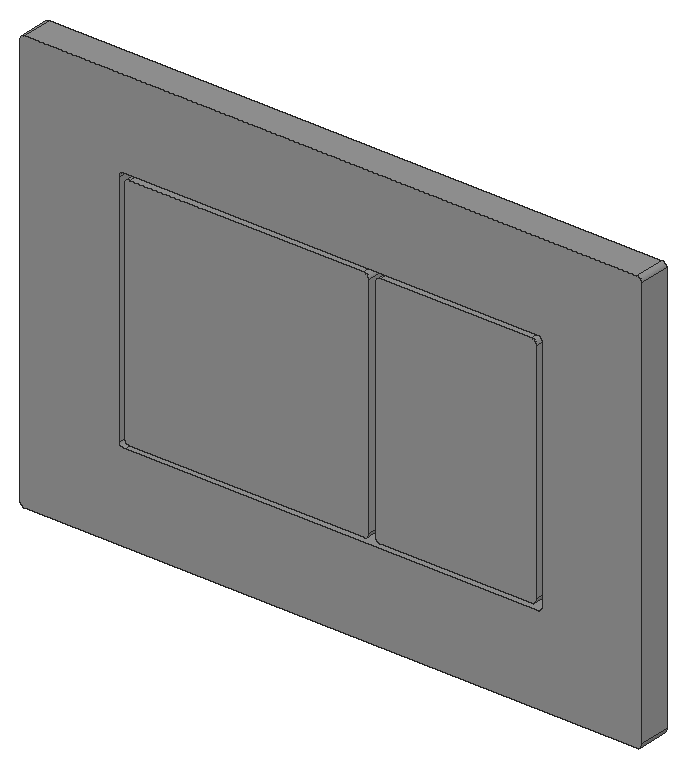
Revit family "PurePress Flush Plate", category Plumbing Fixtures, Revit 2024
Family settings
  Round Connector Dimension = Use Diameter
  Part Type = Normal
  OmniClass Number = 23.45.00.00
  OmniClass Title = Sanitary, Laundry, and Cleaning Equipment
  Work Plane-Based = No
  Enable Cutting in Views = No
  Always vertical = Yes
  Cut with Voids When Loaded = No
  Maintain Annotation Orientation = No
  Shared = No
  Room Calculation Point = No
Parameters (values of type "Lecico Flush Plate - Chrome")
  URL = "https://www.lecicosa.co.za/product/purepress-actuator-plate-chrome/"
  Technical Dimensions = "W245 x H165 x D12mm"
  ABS Colour = Silver
  Product Code = "LECFLUPLA0CHRBC"
  Model = "Lecico Flush Plate Only"
  Material = "ABS Plastic"
  Manufacturer = "Lecico SA"
  Fixing Details = "https://www.lecicosa.co.za/wp-content/uploads/2024/11/Concealed-Cistern-Flush-Plate-Installation-Guide-1.pdf"
  Default Elevation = 0 mm
  Created By = "Knowbility Skills Lab"
  Colour = "Chrome"
  Category = "Concealed Cistern"
Types (4, lengths in mm): name | URL | ABS Colour | Product Code | Colour
  (no name) | "https://www.lecicosa.co.za/product/purepress-actuator-plate-chrome/" | Silver | "LECFLUPLA0CHRBC" | "Chrome"
  Lecico Flush Plate - White | "https://www.lecicosa.co.za/product/purepress-actuator-plate-white/" | White | "LECFLUPLA0WHIBC" | "White"
  Lecico Flush Plate - Black | "https://www.lecicosa.co.za/product/purepress-actuator-plate-black/" | Black | "LECFLUPLA0BLABC" | "Black"
  Lecico Flush Plate - Chrome | "https://www.lecicosa.co.za/product/purepress-actuator-plate-chrome/" | Silver | "LECFLUPLA0CHRBC" | "Chrome"
Reference planes
  plane 1 "Center (Front/Back)": y = 0
  plane 2: z = 0
  plane 3 "Center (Left/Right)": x = 0
Forms (mm)
  Extrusion 1, solid, material "Silver" <- "ABS Colour"
    sketch origin (-1141.262, 0, 1414.769) x (0, 0, -1) y (-1, 0, 0)
      loop
        line (332.519, -1022.027) -> (332.519, -1260.496)
        arc (332.519, -1260.496) -> (333.105, -1261.91) -> (334.519, -1262.496) r 2
        line (334.519, -1262.496) -> (495.519, -1262.496)
        arc (495.519, -1262.496) -> (496.933, -1261.91) -> (497.519, -1260.496) r 2
        line (497.519, -1260.496) -> (497.519, -1022.027)
        arc (497.519, -1022.027) -> (496.933, -1020.613) -> (495.519, -1020.027) r 2
        line (495.519, -1020.027) -> (334.519, -1020.027)
        arc (334.519, -1020.027) -> (333.105, -1020.613) -> (332.519, -1022.027) r 2
      loop
        line (366.726, -1060.762) -> (366.726, -1221.762)
        arc (366.726, -1221.762) -> (367.312, -1223.176) -> (368.726, -1223.762) r 2
        line (368.726, -1223.762) -> (461.312, -1223.762)
        arc (461.312, -1223.762) -> (462.726, -1223.176) -> (463.312, -1221.762) r 2
        line (463.312, -1221.762) -> (463.312, -1060.762)
        arc (463.312, -1060.762) -> (462.726, -1059.347) -> (461.312, -1058.762) r 2
        line (461.312, -1058.762) -> (368.726, -1058.762)
        arc (368.726, -1058.762) -> (367.312, -1059.347) -> (366.726, -1060.762) r 2
    from 0 to -12
  Extrusion 2, solid, material "Silver" <- "ABS Colour"
    sketch origin (-1141.262, 0, 1414.769) x (0, 0, -1) y (-1, 0, 0)
      loop
        line (368.726, -1062.762) -> (368.726, -1154.016)
        arc (368.726, -1154.016) -> (369.312, -1155.43) -> (370.726, -1156.016) r 2
        line (370.726, -1156.016) -> (459.312, -1156.016)
        arc (459.312, -1156.016) -> (460.726, -1155.43) -> (461.312, -1154.016) r 2
        line (461.312, -1154.016) -> (461.312, -1062.762)
        arc (461.312, -1062.762) -> (460.726, -1061.347) -> (459.312, -1060.762) r 2
        line (459.312, -1060.762) -> (370.726, -1060.762)
        arc (370.726, -1060.762) -> (369.312, -1061.347) -> (368.726, -1062.762) r 2
      loop
        arc (461.312, -1160.599) -> (460.726, -1159.185) -> (459.312, -1158.599) r 2
        line (459.312, -1158.599) -> (370.726, -1158.599)
        arc (370.726, -1158.599) -> (369.312, -1159.185) -> (368.726, -1160.599) r 2
        line (368.726, -1160.599) -> (368.726, -1219.422)
        arc (368.726, -1219.422) -> (369.312, -1220.836) -> (370.726, -1221.422) r 2
        line (370.726, -1221.422) -> (459.312, -1221.422)
        arc (459.312, -1221.422) -> (460.726, -1220.836) -> (461.312, -1219.422) r 2
        line (461.312, -1219.422) -> (461.312, -1160.599)
    from -12 to 12
  Extrusion 3, solid, material "Silver" <- "ABS Colour", not visible
    sketch origin (0, 101.3, 1062) x (0, 0, -1) y (-1, 0, 0)
      loop
        line (332.519, -1022.027) -> (332.519, -1260.496)
        arc (332.519, -1260.496) -> (333.105, -1261.91) -> (334.519, -1262.496) r 2
        line (334.519, -1262.496) -> (495.519, -1262.496)
        arc (495.519, -1262.496) -> (496.933, -1261.91) -> (497.519, -1260.496) r 2
        line (497.519, -1260.496) -> (497.519, -1022.027)
        arc (497.519, -1022.027) -> (496.933, -1020.613) -> (495.519, -1020.027) r 2
        line (495.519, -1020.027) -> (334.519, -1020.027)
        arc (334.519, -1020.027) -> (333.105, -1020.613) -> (332.519, -1022.027) r 2
      loop
        line (366.726, -1060.762) -> (366.726, -1221.762)
        arc (366.726, -1221.762) -> (367.312, -1223.176) -> (368.726, -1223.762) r 2
        line (368.726, -1223.762) -> (461.312, -1223.762)
        arc (461.312, -1223.762) -> (462.726, -1223.176) -> (463.312, -1221.762) r 2
        line (463.312, -1221.762) -> (463.312, -1060.762)
        arc (463.312, -1060.762) -> (462.726, -1059.347) -> (461.312, -1058.762) r 2
        line (461.312, -1058.762) -> (368.726, -1058.762)
        arc (368.726, -1058.762) -> (367.312, -1059.347) -> (366.726, -1060.762) r 2
    from 0 to -12
  Extrusion 4, solid, material "Silver" <- "ABS Colour", not visible
    sketch origin (0, 101.3, 1062) x (0, 0, -1) y (-1, 0, 0)
      loop
        line (368.726, -1062.762) -> (368.726, -1154.016)
        arc (368.726, -1154.016) -> (369.312, -1155.43) -> (370.726, -1156.016) r 2
        line (370.726, -1156.016) -> (459.312, -1156.016)
        arc (459.312, -1156.016) -> (460.726, -1155.43) -> (461.312, -1154.016) r 2
        line (461.312, -1154.016) -> (461.312, -1062.762)
        arc (461.312, -1062.762) -> (460.726, -1061.347) -> (459.312, -1060.762) r 2
        line (459.312, -1060.762) -> (370.726, -1060.762)
        arc (370.726, -1060.762) -> (369.312, -1061.347) -> (368.726, -1062.762) r 2
      loop
        arc (461.312, -1160.599) -> (460.726, -1159.185) -> (459.312, -1158.599) r 2
        line (459.312, -1158.599) -> (370.726, -1158.599)
        arc (370.726, -1158.599) -> (369.312, -1159.185) -> (368.726, -1160.599) r 2
        line (368.726, -1160.599) -> (368.726, -1219.422)
        arc (368.726, -1219.422) -> (369.312, -1220.836) -> (370.726, -1221.422) r 2
        line (370.726, -1221.422) -> (459.312, -1221.422)
        arc (459.312, -1221.422) -> (460.726, -1220.836) -> (461.312, -1219.422) r 2
        line (461.312, -1219.422) -> (461.312, -1160.599)
    from -12 to 12
Dimensions and locks
  aligned and locked: level to plane 2
